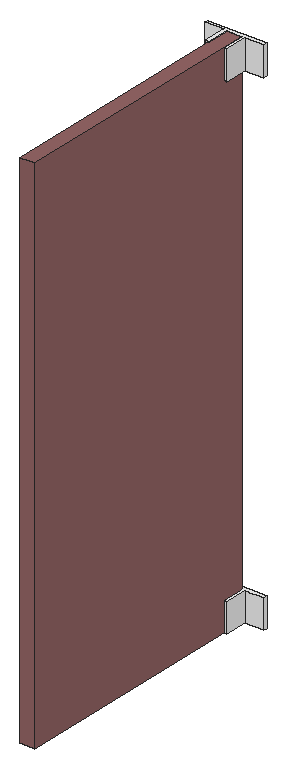
Revit family
Parameters (values of type "Custom Size")
  Screen Spacing = 1' - 8"
  Warranty Duration (Years) = 5
  Urinal Count = 4
  Trim and Hardware Material [instance] = ARCAT - Metal - Steel - Chrome Plated
  Test Data = ""
  Specification = "http://www.arcat.com/divs/sec/sec10150.shtml"
  Sales Information = ""
  Product Properties = "http://www.arcat.com/bim/bim_info.pl?fn=Urinal-Screen"
  Product Data = "http://www.arcat.com/divs/sec/sec10150.shtml"
  Panel Width = Screen Depth - 0' 0 1/4"  # 1' - 5 3/4"
  Panel Thickness = 0' - 1"
  Panel Material [instance] = ARCAT - HDPE_ Red
  Model = "Generic"  # constant formula
  Manufacturer Website = "http://www.arcat.com/"
  Manufacturer Phone - Toll Free = ""
  Manufacturer Phone = "(203) 929-9444"  # constant formula
  Manufacturer Fax = "(203) 939-2444"  # constant formula
  Manufacturer Email = "bim@arcat.com"  # constant formula
  Manufacturer Address = "1077 Bridgeport Ave, Shelton, CT  06484"  # constant formula
  Manufacturer = "Generic"  # constant formula
  Maintenance Schedule (Months) = 12
  Keynote = "10150"
  Installation_Fabricaton = ""
  Installation Phase = ""
  Top Height = 4' - 8"
  Green Building-LEED = "http://www.arcat.com/green/green_building.shtml"
  Fasteners = "Tamper resistant stainless steel screws w/ nylon anchors"
  Expected Lifespan (Years) = 15
  Drawn By = "Robert S. Weygant. CSI, CDT, SCIP"  # constant formula
  Door Opening = Screen Spacing - 0' 4 1/4"  # 1' - 3 3/4"
  Description = "Urinal Screen"
  Screen Depth = 1' - 6"
  Copyright = "2008, ARCAT, Inc."  # constant formula
  Construction Details = "http://www.arcat.com/divs/sec/sec10150.shtml"
  Building Codes = ""
  Base Height From Floor = 1' - 8"
  Assembly Code = "C1010400"
Reference planes (in)
  plane 1 "Center (Front/Back)": y = 0
  plane 2: z = 0
  plane 3 "Center (Left/Right)": x = -24.44496
  plane 4: y = 0
  plane 5: x = -36
  plane 6: z = 56
  plane 7: z = 20
  plane 8: y = 0
  plane 9: x = -2
  plane 10: y = -0.5
  plane 11: y = 0
  plane 12: x = -6
  plane 13: y = -12
  plane 14: y = -0.5
  plane 15: y = 0
  plane 16: x = -12.75
  plane 17: y = -16
  plane 18: y = -0.5
  plane 19: y = 0
  plane 20: x = -24.44496
  plane 21: y = -0.5
  plane 22: x = -24.44496
Forms (in)
  Extrusion 1, solid, not visible
    sketch origin (-23.60937, 0, 0) x (1, 0, 0) y (0, 1, 0)
      loop
        arc (-6.25, 8) -> (-7.48744, 7.48744) -> (-8, 6.25) r 1.75
        line (-8, 6.25) -> (-8, -6.25)
        arc (-8, -6.25) -> (-7.48744, -7.48744) -> (-6.25, -8) r 1.75
        line (-6.25, -8) -> (6.25, -8)
        arc (6.25, -8) -> (7.48744, -7.48744) -> (8, -6.25) r 1.75
        line (8, -6.25) -> (8, 6.25)
        arc (8, 6.25) -> (7.48744, 7.48744) -> (6.25, 8) r 1.75
        line (6.25, 8) -> (-6.25, 8)
      loop
        arc (-6.25, 7.5) -> (-7.13388, 7.13388) -> (-7.5, 6.25) r 1.25
        line (-7.5, 6.25) -> (-7.5, -6.25)
        arc (-7.5, -6.25) -> (-7.13388, -7.13388) -> (-6.25, -7.5) r 1.25
        line (-6.25, -7.5) -> (6.25, -7.5)
        arc (6.25, -7.5) -> (7.13388, -7.13388) -> (7.5, -6.25) r 1.25
        line (7.5, -6.25) -> (7.5, 6.25)
        arc (7.5, 6.25) -> (7.13388, 7.13388) -> (6.25, 7.5) r 1.25
        line (6.25, 7.5) -> (-6.25, 7.5)
    from 0 to 7
  Extrusion 2, solid, not visible
    sketch origin (-23.60937, 0, 7) x (1, 0, 0) y (0, 1, 0)
      loop
        arc (-9.5, 10) -> (-9.85355, 9.85355) -> (-10, 9.5) r 0.5
        line (-10, 9.5) -> (-10, -9.5)
        arc (-10, -9.5) -> (-9.85355, -9.85355) -> (-9.5, -10) r 0.5
        line (-9.5, -10) -> (9.5, -10)
        arc (9.5, -10) -> (9.85355, -9.85355) -> (10, -9.5) r 0.5
        line (10, -9.5) -> (10, 9.5)
        arc (10, 9.5) -> (9.85355, 9.85355) -> (9.5, 10) r 0.5
        line (9.5, 10) -> (-9.5, 10)
      loop
        line (-7.5, 6.25) -> (-7.5, -6.25)
        arc (-7.5, -6.25) -> (-7.13388, -7.13388) -> (-6.25, -7.5) r 1.25
        line (-6.25, -7.5) -> (6.25, -7.5)
        arc (6.25, -7.5) -> (7.13388, -7.13388) -> (7.5, -6.25) r 1.25
        line (7.5, -6.25) -> (7.5, 6.25)
        arc (7.5, 6.25) -> (7.13388, 7.13388) -> (6.25, 7.5) r 1.25
        line (6.25, 7.5) -> (-6.25, 7.5)
        arc (-6.25, 7.5) -> (-7.13388, 7.13388) -> (-7.5, 6.25) r 1.25
    from 0 to 0.25
  Extrusion 3, solid, material "ARCAT - Metal - Steel - Chrome Plated" <- "Trim and Hardware Material"
    sketch origin (-17.25, 0, 16) x (1, 0, 0) y (0, 1, 0)
      loop
        line (-7.19496, -1.79885) -> (-7.19496, -0.25) -> (-6.19496, -0.25) -> (-6.19496, -1.79885) -> (-5.94496, -1.79885) -> (-5.94496, -0.25) -> (-4.69496, -0.25) -> (-4.69496, 0) -> (-8.69496, 0) -> (-8.69496, -0.25) -> (-7.44496, -0.25) -> (-7.44496, -1.79885) -> (-7.19496, -1.79885)
    from 4 to 6
  Extrusion 4, solid, material "ARCAT - Metal - Steel - Chrome Plated" <- "Trim and Hardware Material"
    sketch origin (-17.25, 0, 54) x (1, 0, 0) y (0, 1, 0)
      loop
        line (-7.19496, -1.79885) -> (-7.19496, -0.25) -> (-6.19496, -0.25) -> (-6.19496, -1.79885) -> (-5.94496, -1.79885) -> (-5.94496, -0.25) -> (-4.69496, -0.25) -> (-4.69496, 0) -> (-8.69496, 0) -> (-8.69496, -0.25) -> (-7.44496, -0.25) -> (-7.44496, -1.79885) -> (-7.19496, -1.79885)
    from 0 to 2
  Extrusion 5, solid, material "ARCAT - HDPE_ Red" <- "Panel Material", not visible
    sketch origin (-2, 0, 12) x (1, 0, 0) y (0, 1, 0)
      loop
        line (0.5, -14) -> (0.5, -0.5) -> (-0.5, -0.5) -> (-0.5, -14) -> (0.5, -14)
    from 8 to 44
  Extrusion 6, solid, material "ARCAT - Metal - Steel - Chrome Plated" <- "Trim and Hardware Material", not visible
    sketch origin (-2, 0, 16) x (1, 0, 0) y (0, 1, 0)
      loop
        line (-0.5, -1.79885) -> (-0.5, -0.25) -> (0.5, -0.25) -> (0.5, -1.79885) -> (0.75, -1.79885) -> (0.75, -0.25) -> (2, -0.25) -> (2, 0) -> (-2, 0) -> (-2, -0.25) -> (-0.75, -0.25) -> (-0.75, -1.79885) -> (-0.5, -1.79885)
    from 4 to 6
  Extrusion 7, solid, material "ARCAT - Metal - Steel - Chrome Plated" <- "Trim and Hardware Material", not visible
    sketch origin (-2, 0, 54) x (1, 0, 0) y (0, 1, 0)
      loop
        line (-0.5, -1.79885) -> (-0.5, -0.25) -> (0.5, -0.25) -> (0.5, -1.79885) -> (0.75, -1.79885) -> (0.75, -0.25) -> (2, -0.25) -> (2, 0) -> (-2, 0) -> (-2, -0.25) -> (-0.75, -0.25) -> (-0.75, -1.79885) -> (-0.5, -1.79885)
    from 0 to 2
  Extrusion 8, solid, material "ARCAT - Metal - Steel - Chrome Plated" <- "Trim and Hardware Material", not visible
    sketch origin (-2, 0, 32.75) x (1, 0, 0) y (0, 1, 0)
      loop
        line (-0.5, -1.79885) -> (-0.5, -0.25) -> (0.5, -0.25) -> (0.5, -1.79885) -> (0.75, -1.79885) -> (0.75, -0.25) -> (2, -0.25) -> (2, 0) -> (-2, 0) -> (-2, -0.25) -> (-0.75, -0.25) -> (-0.75, -1.79885) -> (-0.5, -1.79885)
    from 4.25 to 6.25
  Extrusion 9, solid, material "ARCAT - HDPE_ Red" <- "Panel Material", not visible
    sketch origin (-6, 0, 12) x (1, 0, 0) y (0, 1, 0)
      loop
        line (0.5, -12) -> (0.5, -0.5) -> (-0.5, -0.5) -> (-0.5, -12) -> (0.5, -12)
    from 8 to 44
  Extrusion 10, solid, material "ARCAT - Metal - Steel - Chrome Plated" <- "Trim and Hardware Material", not visible
    sketch origin (-6, 0, 16) x (1, 0, 0) y (0, 1, 0)
      loop
        line (-0.5, -1.79885) -> (-0.5, -0.25) -> (0.5, -0.25) -> (0.5, -1.79885) -> (0.75, -1.79885) -> (0.75, -0.25) -> (2, -0.25) -> (2, 0) -> (-2, 0) -> (-2, -0.25) -> (-0.75, -0.25) -> (-0.75, -1.79885) -> (-0.5, -1.79885)
    from 4 to 6
  Extrusion 11, solid, material "ARCAT - Metal - Steel - Chrome Plated" <- "Trim and Hardware Material", not visible
    sketch origin (-6, 0, 54) x (1, 0, 0) y (0, 1, 0)
      loop
        line (-0.5, -1.79885) -> (-0.5, -0.25) -> (0.5, -0.25) -> (0.5, -1.79885) -> (0.75, -1.79885) -> (0.75, -0.25) -> (2, -0.25) -> (2, 0) -> (-2, 0) -> (-2, -0.25) -> (-0.75, -0.25) -> (-0.75, -1.79885) -> (-0.5, -1.79885)
    from 0 to 2
  Extrusion 12, solid, material "ARCAT - Metal - Steel - Chrome Plated" <- "Trim and Hardware Material", not visible
    sketch origin (-6, 0, 32.75) x (1, 0, 0) y (0, 1, 0)
      loop
        line (-0.5, -1.79885) -> (-0.5, -0.25) -> (0.5, -0.25) -> (0.5, -1.79885) -> (0.75, -1.79885) -> (0.75, -0.25) -> (2, -0.25) -> (2, 0) -> (-2, 0) -> (-2, -0.25) -> (-0.75, -0.25) -> (-0.75, -1.79885) -> (-0.5, -1.79885)
    from 4.25 to 6.25
  Extrusion 13, solid, material "ARCAT - HDPE_ Red" <- "Panel Material", not visible
    sketch origin (-12.75, 0, 12) x (1, 0, 0) y (0, 1, 0)
      loop
        line (0.5, -16) -> (0.5, -0.5) -> (-0.5, -0.5) -> (-0.5, -16) -> (0.5, -16)
    from 8 to 44
  Extrusion 14, solid, material "ARCAT - Metal - Steel - Chrome Plated" <- "Trim and Hardware Material", not visible
    sketch origin (-12.75, 0, 16) x (1, 0, 0) y (0, 1, 0)
      loop
        line (-0.5, -1.79885) -> (-0.5, -0.25) -> (0.5, -0.25) -> (0.5, -1.79885) -> (0.75, -1.79885) -> (0.75, -0.25) -> (2, -0.25) -> (2, 0) -> (-2, 0) -> (-2, -0.25) -> (-0.75, -0.25) -> (-0.75, -1.79885) -> (-0.5, -1.79885)
    from 4 to 6
  Extrusion 15, solid, material "ARCAT - Metal - Steel - Chrome Plated" <- "Trim and Hardware Material", not visible
    sketch origin (-12.75, 0, 54) x (1, 0, 0) y (0, 1, 0)
      loop
        line (-0.5, -1.79885) -> (-0.5, -0.25) -> (0.5, -0.25) -> (0.5, -1.79885) -> (0.75, -1.79885) -> (0.75, -0.25) -> (2, -0.25) -> (2, 0) -> (-2, 0) -> (-2, -0.25) -> (-0.75, -0.25) -> (-0.75, -1.79885) -> (-0.5, -1.79885)
    from 0 to 2
  Extrusion 16, solid, material "ARCAT - Metal - Steel - Chrome Plated" <- "Trim and Hardware Material", not visible
    sketch origin (-12.75, 0, 32.75) x (1, 0, 0) y (0, 1, 0)
      loop
        line (-0.5, -1.79885) -> (-0.5, -0.25) -> (0.5, -0.25) -> (0.5, -1.79885) -> (0.75, -1.79885) -> (0.75, -0.25) -> (2, -0.25) -> (2, 0) -> (-2, 0) -> (-2, -0.25) -> (-0.75, -0.25) -> (-0.75, -1.79885) -> (-0.5, -1.79885)
    from 4.25 to 6.25
  Extrusion 17, solid, material "ARCAT - Metal - Steel - Chrome Plated" <- "Trim and Hardware Material", not visible
    sketch origin (-14.25, 0, 16) x (1, 0, 0) y (0, 1, 0)
      loop
        line (-7.19496, -1.79885) -> (-7.19496, -0.25) -> (-6.19496, -0.25) -> (-6.19496, -1.79885) -> (-5.94496, -1.79885) -> (-5.94496, -0.25) -> (-4.69496, -0.25) -> (-4.69496, 0) -> (-8.69496, 0) -> (-8.69496, -0.25) -> (-7.44496, -0.25) -> (-7.44496, -1.79885) -> (-7.19496, -1.79885)
    from 4 to 6
  Extrusion 18, solid, material "ARCAT - Metal - Steel - Chrome Plated" <- "Trim and Hardware Material", not visible
    sketch origin (-14.25, 0, 54) x (1, 0, 0) y (0, 1, 0)
      loop
        line (-7.19496, -1.79885) -> (-7.19496, -0.25) -> (-6.19496, -0.25) -> (-6.19496, -1.79885) -> (-5.94496, -1.79885) -> (-5.94496, -0.25) -> (-4.69496, -0.25) -> (-4.69496, 0) -> (-8.69496, 0) -> (-8.69496, -0.25) -> (-7.44496, -0.25) -> (-7.44496, -1.79885) -> (-7.19496, -1.79885)
    from 0 to 2
  Extrusion 19, solid, material "ARCAT - Metal - Steel - Chrome Plated" <- "Trim and Hardware Material", not visible
    sketch origin (-14.25, 0, 32.75) x (1, 0, 0) y (0, 1, 0)
      loop
        line (-7.19496, -1.79885) -> (-7.19496, -0.25) -> (-6.19496, -0.25) -> (-6.19496, -1.79885) -> (-5.94496, -1.79885) -> (-5.94496, -0.25) -> (-4.69496, -0.25) -> (-4.69496, 0) -> (-8.69496, 0) -> (-8.69496, -0.25) -> (-7.44496, -0.25) -> (-7.44496, -1.79885) -> (-7.19496, -1.79885)
    from 4.25 to 6.25
  Extrusion 20, solid, material "ARCAT - HDPE_ Red" <- "Panel Material"
    sketch origin (0, 0, 0) x (1, 0, 0) y (0, 1, 0)
      loop
        line (-24.44496, -0.25) -> (-24.44496, -18) -> (-23.44496, -18) -> (-23.44496, -0.25) -> (-24.44496, -0.25)
    from 20 to 56
  Extrusion 21, solid, material "ARCAT - HDPE_ Red" <- "Panel Material", not visible
    sketch origin (3, 0, 0) x (1, 0, 0) y (0, 1, 0)
      loop
        line (-24.44496, -0.5) -> (-24.44496, -15) -> (-23.44496, -15) -> (-23.44496, -0.5) -> (-24.44496, -0.5)
    from 20 to 56
  Extrusion 22, solid, material "ARCAT - Metal - Steel - Chrome Plated" <- "Trim and Hardware Material", not visible
    sketch origin (-17.25, 0, 16) x (1, 0, 0) y (0, 1, 0)
      loop
        line (-7.19496, -1.79885) -> (-7.19496, -0.25) -> (-6.19496, -0.25) -> (-6.19496, -1.79885) -> (-5.94496, -1.79885) -> (-5.94496, -0.25) -> (-4.69496, -0.25) -> (-4.69496, 0) -> (-8.69496, 0) -> (-8.69496, -0.25) -> (-7.44496, -0.25) -> (-7.44496, -1.79885) -> (-7.19496, -1.79885)
    from 4 to 6
  Extrusion 23, solid, material "ARCAT - Metal - Steel - Chrome Plated" <- "Trim and Hardware Material", not visible
    sketch origin (-17.25, 0, 54) x (1, 0, 0) y (0, 1, 0)
      loop
        line (-7.19496, -1.79885) -> (-7.19496, -0.25) -> (-6.19496, -0.25) -> (-6.19496, -1.79885) -> (-5.94496, -1.79885) -> (-5.94496, -0.25) -> (-4.69496, -0.25) -> (-4.69496, 0) -> (-8.69496, 0) -> (-8.69496, -0.25) -> (-7.44496, -0.25) -> (-7.44496, -1.79885) -> (-7.19496, -1.79885)
    from 0 to 2
  Extrusion 24, solid, material "ARCAT - Metal - Steel - Chrome Plated" <- "Trim and Hardware Material", not visible
    sketch origin (-17.25, 0, 32.75) x (1, 0, 0) y (0, 1, 0)
      loop
        line (-7.19496, -1.79885) -> (-7.19496, -0.25) -> (-6.19496, -0.25) -> (-6.19496, -1.79885) -> (-5.94496, -1.79885) -> (-5.94496, -0.25) -> (-4.69496, -0.25) -> (-4.69496, 0) -> (-8.69496, 0) -> (-8.69496, -0.25) -> (-7.44496, -0.25) -> (-7.44496, -1.79885) -> (-7.19496, -1.79885)
    from 4.25 to 6.25
  Extrusion 25, solid, material "ARCAT - HDPE_ Red" <- "Panel Material", not visible
    sketch origin (0, 0, 0) x (1, 0, 0) y (0, 1, 0)
      loop
        line (-24.44496, -0.5) -> (-24.44496, -18) -> (-23.44496, -18) -> (-23.44496, -0.5) -> (-24.44496, -0.5)
    from 20 to 56
  Extrusion 26, solid, material "ARCAT - Metal - Steel - Chrome Plated" <- "Trim and Hardware Material", not visible
    sketch origin (-17.25, 0, 16) x (1, 0, 0) y (0, 1, 0)
      loop
        line (-7.19496, -1.79885) -> (-7.19496, -0.25) -> (-6.19496, -0.25) -> (-6.19496, -1.79885) -> (-5.94496, -1.79885) -> (-5.94496, -0.25) -> (-4.69496, -0.25) -> (-4.69496, 0) -> (-8.69496, 0) -> (-8.69496, -0.25) -> (-7.44496, -0.25) -> (-7.44496, -1.79885) -> (-7.19496, -1.79885)
    from 4 to 6
  Extrusion 27, solid, material "ARCAT - Metal - Steel - Chrome Plated" <- "Trim and Hardware Material", not visible
    sketch origin (-17.25, 0, 54) x (1, 0, 0) y (0, 1, 0)
      loop
        line (-7.19496, -1.79885) -> (-7.19496, -0.25) -> (-6.19496, -0.25) -> (-6.19496, -1.79885) -> (-5.94496, -1.79885) -> (-5.94496, -0.25) -> (-4.69496, -0.25) -> (-4.69496, 0) -> (-8.69496, 0) -> (-8.69496, -0.25) -> (-7.44496, -0.25) -> (-7.44496, -1.79885) -> (-7.19496, -1.79885)
    from 0 to 2
  Extrusion 28, solid, material "ARCAT - Metal - Steel - Chrome Plated" <- "Trim and Hardware Material", not visible
    sketch origin (-17.25, 0, 32.75) x (1, 0, 0) y (0, 1, 0)
      loop
        line (-7.19496, -1.79885) -> (-7.19496, -0.25) -> (-6.19496, -0.25) -> (-6.19496, -1.79885) -> (-5.94496, -1.79885) -> (-5.94496, -0.25) -> (-4.69496, -0.25) -> (-4.69496, 0) -> (-8.69496, 0) -> (-8.69496, -0.25) -> (-7.44496, -0.25) -> (-7.44496, -1.79885) -> (-7.19496, -1.79885)
    from 4.25 to 6.25
  Extrusion 29, solid, material "ARCAT - Metal - Steel - Chrome Plated" <- "Trim and Hardware Material", not visible
    sketch origin (-17.25, 0, 16) x (1, 0, 0) y (0, 1, 0)
      loop
        line (-7.19496, -1.79885) -> (-7.19496, -0.25) -> (-6.19496, -0.25) -> (-6.19496, -1.79885) -> (-5.94496, -1.79885) -> (-5.94496, -0.25) -> (-4.69496, -0.25) -> (-4.69496, 0) -> (-8.69496, 0) -> (-8.69496, -0.25) -> (-7.44496, -0.25) -> (-7.44496, -1.79885) -> (-7.19496, -1.79885)
    from 4 to 6
  Extrusion 30, solid, material "ARCAT - Metal - Steel - Chrome Plated" <- "Trim and Hardware Material", not visible
    sketch origin (-17.25, 0, 54) x (1, 0, 0) y (0, 1, 0)
      loop
        line (-7.19496, -1.79885) -> (-7.19496, -0.25) -> (-6.19496, -0.25) -> (-6.19496, -1.79885) -> (-5.94496, -1.79885) -> (-5.94496, -0.25) -> (-4.69496, -0.25) -> (-4.69496, 0) -> (-8.69496, 0) -> (-8.69496, -0.25) -> (-7.44496, -0.25) -> (-7.44496, -1.79885) -> (-7.19496, -1.79885)
    from 0 to 2
  Extrusion 31, solid, material "ARCAT - Metal - Steel - Chrome Plated" <- "Trim and Hardware Material", not visible
    sketch origin (-17.25, 0, 32.75) x (1, 0, 0) y (0, 1, 0)
      loop
        line (-7.19496, -1.79885) -> (-7.19496, -0.25) -> (-6.19496, -0.25) -> (-6.19496, -1.79885) -> (-5.94496, -1.79885) -> (-5.94496, -0.25) -> (-4.69496, -0.25) -> (-4.69496, 0) -> (-8.69496, 0) -> (-8.69496, -0.25) -> (-7.44496, -0.25) -> (-7.44496, -1.79885) -> (-7.19496, -1.79885)
    from 4.25 to 6.25
  Extrusion 32, solid, material "ARCAT - HDPE_ Red" <- "Panel Material", not visible
    sketch origin (0, 0, 0) x (1, 0, 0) y (0, 1, 0)
      loop
        line (-24.44496, -0.25) -> (-24.44496, -18) -> (-23.44496, -18) -> (-23.44496, -0.25) -> (-24.44496, -0.25)
    from 20 to 56
Dimensions and locks (in)
  "Top Height": plane 6 to level
  "Base Height From Floor": plane 7 to plane 2
  locked: Extrusion 3 sketch curve to Extrusion 3 sketch curve at 1.25  (x2)
  locked: Extrusion 3 sketch curve to Extrusion 3 sketch curve at 0.25  (x3)
  "Panel Thickness": Extrusion 3 sketch curve to Extrusion 3 sketch curve
  locked: Extrusion 3 to Extrusion 3 at 2
  locked: Extrusion 4 sketch curve to Extrusion 4 sketch curve at 1.25  (x2)
  locked: Extrusion 4 sketch curve to Extrusion 4 sketch curve at 0.25  (x3)
  locked: Extrusion 4 sketch curve to Extrusion 4 sketch curve at 1
  locked: Extrusion 4 to Extrusion 4 at 2
  Extrusion 4 to Extrusion 3 = 2' - 10"
  locked: Extrusion 6 sketch curve to Extrusion 6 sketch curve at 1.25  (x2)
  locked: Extrusion 6 sketch curve to Extrusion 6 sketch curve at 0.25  (x3)
  "Panel Thickness": Extrusion 6 sketch curve to Extrusion 6 sketch curve
  locked: Extrusion 7 sketch curve to Extrusion 7 sketch curve at 1.25  (x2)
  locked: Extrusion 7 sketch curve to Extrusion 7 sketch curve at 0.25  (x3)
  "Panel Thickness": Extrusion 7 sketch curve to Extrusion 7 sketch curve
  locked: Extrusion 8 sketch curve to Extrusion 8 sketch curve at 1.25  (x2)
  locked: Extrusion 8 sketch curve to Extrusion 8 sketch curve at 0.25  (x3)
  "Panel Thickness": Extrusion 8 sketch curve to Extrusion 8 sketch curve
  locked: Extrusion 10 sketch curve to Extrusion 10 sketch curve at 1.25  (x2)
  locked: Extrusion 10 sketch curve to Extrusion 10 sketch curve at 0.25  (x3)
  "Panel Thickness": Extrusion 10 sketch curve to Extrusion 10 sketch curve
  locked: Extrusion 11 sketch curve to Extrusion 11 sketch curve at 1.25  (x2)
  locked: Extrusion 11 sketch curve to Extrusion 11 sketch curve at 0.25  (x3)
  "Panel Thickness": Extrusion 11 sketch curve to Extrusion 11 sketch curve
  locked: Extrusion 12 sketch curve to Extrusion 12 sketch curve at 1.25  (x2)
  locked: Extrusion 12 sketch curve to Extrusion 12 sketch curve at 0.25  (x3)
  "Panel Thickness": Extrusion 12 sketch curve to Extrusion 12 sketch curve
  locked: Extrusion 14 sketch curve to Extrusion 14 sketch curve at 1.25  (x2)
  locked: Extrusion 14 sketch curve to Extrusion 14 sketch curve at 0.25  (x3)
  "Panel Thickness": Extrusion 14 sketch curve to Extrusion 14 sketch curve
  locked: Extrusion 15 sketch curve to Extrusion 15 sketch curve at 1.25  (x2)
  locked: Extrusion 15 sketch curve to Extrusion 15 sketch curve at 0.25  (x3)
  "Panel Thickness": Extrusion 15 sketch curve to Extrusion 15 sketch curve
  locked: Extrusion 16 sketch curve to Extrusion 16 sketch curve at 1.25  (x2)
  locked: Extrusion 16 sketch curve to Extrusion 16 sketch curve at 0.25  (x3)
  "Panel Thickness": Extrusion 16 sketch curve to Extrusion 16 sketch curve
  locked: Extrusion 17 sketch curve to Extrusion 17 sketch curve at 1.25  (x2)
  locked: Extrusion 17 sketch curve to Extrusion 17 sketch curve at 0.25  (x3)
  "Panel Thickness": Extrusion 17 sketch curve to Extrusion 17 sketch curve
  locked: Extrusion 18 sketch curve to Extrusion 18 sketch curve at 1.25  (x2)
  locked: Extrusion 18 sketch curve to Extrusion 18 sketch curve at 0.25  (x3)
  "Panel Thickness": Extrusion 18 sketch curve to Extrusion 18 sketch curve
  locked: Extrusion 19 sketch curve to Extrusion 19 sketch curve at 1.25  (x2)
  locked: Extrusion 19 sketch curve to Extrusion 19 sketch curve at 0.25  (x3)
  "Panel Thickness": Extrusion 19 sketch curve to Extrusion 19 sketch curve
  locked: Extrusion 22 sketch curve to Extrusion 22 sketch curve at 1.25  (x2)
  locked: Extrusion 22 sketch curve to Extrusion 22 sketch curve at 0.25  (x3)
  "Panel Thickness": Extrusion 22 sketch curve to Extrusion 22 sketch curve
  locked: Extrusion 23 sketch curve to Extrusion 23 sketch curve at 1.25  (x2)
  locked: Extrusion 23 sketch curve to Extrusion 23 sketch curve at 0.25  (x3)
  "Panel Thickness": Extrusion 23 sketch curve to Extrusion 23 sketch curve
  locked: Extrusion 24 sketch curve to Extrusion 24 sketch curve at 1.25  (x2)
  locked: Extrusion 24 sketch curve to Extrusion 24 sketch curve at 0.25  (x3)
  "Panel Thickness": Extrusion 24 sketch curve to Extrusion 24 sketch curve
  Extrusion 25 sketch curve to Extrusion 25 sketch curve = 1' - 5 1/2"
  locked: Extrusion 26 sketch curve to Extrusion 26 sketch curve at 1.25  (x2)
  locked: Extrusion 26 sketch curve to Extrusion 26 sketch curve at 0.25  (x3)
  "Panel Thickness": Extrusion 26 sketch curve to Extrusion 26 sketch curve
  locked: Extrusion 27 sketch curve to Extrusion 27 sketch curve at 1.25  (x2)
  locked: Extrusion 27 sketch curve to Extrusion 27 sketch curve at 0.25  (x3)
  "Panel Thickness": Extrusion 27 sketch curve to Extrusion 27 sketch curve
  locked: Extrusion 28 sketch curve to Extrusion 28 sketch curve at 1.25  (x2)
  locked: Extrusion 28 sketch curve to Extrusion 28 sketch curve at 0.25  (x3)
  "Panel Thickness": Extrusion 28 sketch curve to Extrusion 28 sketch curve
  locked: Extrusion 29 sketch curve to Extrusion 29 sketch curve at 1.25  (x2)
  locked: Extrusion 29 sketch curve to Extrusion 29 sketch curve at 0.25  (x3)
  "Panel Thickness": Extrusion 29 sketch curve to Extrusion 29 sketch curve
  locked: Extrusion 30 sketch curve to Extrusion 30 sketch curve at 1.25  (x2)
  locked: Extrusion 30 sketch curve to Extrusion 30 sketch curve at 0.25  (x3)
  "Panel Thickness": Extrusion 30 sketch curve to Extrusion 30 sketch curve
  locked: Extrusion 31 sketch curve to Extrusion 31 sketch curve at 1.25  (x2)
  locked: Extrusion 31 sketch curve to Extrusion 31 sketch curve at 0.25  (x3)
  "Panel Thickness": Extrusion 31 sketch curve to Extrusion 31 sketch curve
  Extrusion 30 to Extrusion 32 sketch curve = 1' - 6"
  "Screen Depth": Extrusion 20 to plane 1 "Center (Front/Back)"
  aligned and locked: Extrusion 3 sketch curve to Extrusion 3 sketch curve  (x2)
  aligned and locked: Extrusion 4 sketch curve to Extrusion 4 sketch curve  (x2)
  aligned and locked: plane 6 to Extrusion 4
  aligned and locked: Extrusion 6 sketch curve to Extrusion 6 sketch curve  (x2)
  aligned and locked: Extrusion 7 sketch curve to Extrusion 7 sketch curve  (x2)
  aligned and locked: Extrusion 8 sketch curve to Extrusion 8 sketch curve  (x2)
  aligned and locked: Extrusion 10 sketch curve to Extrusion 10 sketch curve  (x2)
  aligned and locked: Extrusion 11 sketch curve to Extrusion 11 sketch curve  (x2)
  aligned and locked: Extrusion 12 sketch curve to Extrusion 12 sketch curve  (x2)
  aligned and locked: Extrusion 14 sketch curve to Extrusion 14 sketch curve  (x2)
  aligned and locked: Extrusion 15 sketch curve to Extrusion 15 sketch curve  (x2)
  aligned and locked: Extrusion 16 sketch curve to Extrusion 16 sketch curve  (x2)
  aligned and locked: Extrusion 17 sketch curve to Extrusion 17 sketch curve  (x2)
  aligned and locked: Extrusion 18 sketch curve to Extrusion 18 sketch curve  (x2)
  aligned and locked: Extrusion 19 sketch curve to Extrusion 19 sketch curve  (x2)
  aligned and locked: plane 3 "Center (Left/Right)" to Extrusion 4
  aligned and locked: plane 6 to Extrusion 20
  aligned and locked: Extrusion 20 to plane 7
  aligned and locked: Extrusion 18 to Extrusion 21 sketch curve
  aligned and locked: Extrusion 22 sketch curve to Extrusion 22 sketch curve  (x2)
  aligned and locked: Extrusion 23 sketch curve to Extrusion 23 sketch curve  (x2)
  aligned and locked: Extrusion 24 sketch curve to Extrusion 24 sketch curve  (x2)
  aligned and locked: Extrusion 23 to Extrusion 25 sketch curve
  aligned and locked: Extrusion 26 sketch curve to Extrusion 26 sketch curve  (x2)
  aligned and locked: Extrusion 27 sketch curve to Extrusion 27 sketch curve  (x2)
  aligned and locked: Extrusion 28 sketch curve to Extrusion 28 sketch curve  (x2)
  aligned and locked: Extrusion 20 to Extrusion 4  (x3)
  aligned and locked: Extrusion 29 sketch curve to Extrusion 29 sketch curve  (x2)
  aligned and locked: Extrusion 30 sketch curve to Extrusion 30 sketch curve  (x2)
  aligned and locked: Extrusion 31 sketch curve to Extrusion 31 sketch curve  (x2)
  aligned and locked: Extrusion 4 to Extrusion 20
  aligned and locked: Extrusion 4 to plane 1 "Center (Front/Back)"
  aligned and locked: Extrusion 20 sketch curve to Extrusion 4  (x2)
Automatic sketch dimensions
  Extrusion 3 sketch curve to Extrusion 3 sketch curve = 0' - 0"
  Extrusion 4 sketch curve to Extrusion 4 sketch curve = 0' - 0"
  Extrusion 3 sketch curve to Extrusion 3 sketch curve = 0' - 1.54885"
  Extrusion 4 sketch curve to Extrusion 4 sketch curve = 0' - 1.54885"
  Extrusion 6 sketch curve to Extrusion 6 sketch curve = 0' - 0"
  Extrusion 7 sketch curve to Extrusion 7 sketch curve = 0' - 0"
  Extrusion 8 sketch curve to Extrusion 8 sketch curve = 0' - 0"
  Extrusion 5 sketch curve to Extrusion 5 sketch curve = 0' - 1"
  Extrusion 5 sketch curve to Extrusion 5 sketch curve = 1' - 1 1/2"
  Extrusion 6 sketch curve to Extrusion 6 sketch curve = 0' - 1.54885"
  Extrusion 7 sketch curve to Extrusion 7 sketch curve = 0' - 1.54885"
  Extrusion 8 sketch curve to Extrusion 8 sketch curve = 0' - 1.54885"
  Extrusion 10 sketch curve to Extrusion 10 sketch curve = 0' - 0"
  Extrusion 11 sketch curve to Extrusion 11 sketch curve = 0' - 0"
  Extrusion 12 sketch curve to Extrusion 12 sketch curve = 0' - 0"
  Extrusion 9 sketch curve to Extrusion 9 sketch curve = 0' - 1"
  Extrusion 10 sketch curve to Extrusion 10 sketch curve = 0' - 1.54885"
  Extrusion 11 sketch curve to Extrusion 11 sketch curve = 0' - 1.54885"
  Extrusion 12 sketch curve to Extrusion 12 sketch curve = 0' - 1.54885"
  Extrusion 9 sketch curve to Extrusion 9 sketch curve = 0' - 11 1/2"
  Extrusion 14 sketch curve to Extrusion 14 sketch curve = 0' - 0"
  Extrusion 15 sketch curve to Extrusion 15 sketch curve = 0' - 0"
  Extrusion 16 sketch curve to Extrusion 16 sketch curve = 0' - 0"
  Extrusion 14 sketch curve to Extrusion 14 sketch curve = 0' - 1.54885"
  Extrusion 15 sketch curve to Extrusion 15 sketch curve = 0' - 1.54885"
  Extrusion 16 sketch curve to Extrusion 16 sketch curve = 0' - 1.54885"
  Extrusion 13 sketch curve to Extrusion 13 sketch curve = 0' - 1"
  Extrusion 13 sketch curve to Extrusion 13 sketch curve = 1' - 3 1/2"
  Extrusion 17 sketch curve to Extrusion 17 sketch curve = 0' - 0"
  Extrusion 18 sketch curve to Extrusion 18 sketch curve = 0' - 0"
  Extrusion 19 sketch curve to Extrusion 19 sketch curve = 0' - 0"
  Extrusion 17 sketch curve to Extrusion 17 sketch curve = 0' - 1.54885"
  Extrusion 18 sketch curve to Extrusion 18 sketch curve = 0' - 1.54885"
  Extrusion 19 sketch curve to Extrusion 19 sketch curve = 0' - 1.54885"
  Extrusion 21 sketch curve to Extrusion 21 sketch curve = 0' - 1"
  Extrusion 21 sketch curve to Extrusion 21 sketch curve = 1' - 2 1/2"
  Extrusion 22 sketch curve to Extrusion 22 sketch curve = 0' - 0"
  Extrusion 23 sketch curve to Extrusion 23 sketch curve = 0' - 0"
  Extrusion 24 sketch curve to Extrusion 24 sketch curve = 0' - 0"
  Extrusion 22 sketch curve to Extrusion 22 sketch curve = 0' - 1.54885"
  Extrusion 23 sketch curve to Extrusion 23 sketch curve = 0' - 1.54885"
  Extrusion 24 sketch curve to Extrusion 24 sketch curve = 0' - 1.54885"
  Extrusion 25 sketch curve to Extrusion 25 sketch curve = 0' - 1"
  Extrusion 26 sketch curve to Extrusion 26 sketch curve = 0' - 0"
  Extrusion 27 sketch curve to Extrusion 27 sketch curve = 0' - 0"
  Extrusion 28 sketch curve to Extrusion 28 sketch curve = 0' - 0"
  Extrusion 26 sketch curve to Extrusion 26 sketch curve = 0' - 1.54885"
  Extrusion 27 sketch curve to Extrusion 27 sketch curve = 0' - 1.54885"
  Extrusion 28 sketch curve to Extrusion 28 sketch curve = 0' - 1.54885"
  Extrusion 20 sketch curve to Extrusion 20 sketch curve = 1' - 5 3/4"
  Extrusion 29 sketch curve to Extrusion 29 sketch curve = 0' - 0"
  Extrusion 30 sketch curve to Extrusion 30 sketch curve = 0' - 0"
  Extrusion 31 sketch curve to Extrusion 31 sketch curve = 0' - 0"
  Extrusion 29 sketch curve to Extrusion 29 sketch curve = 0' - 1.54885"
  Extrusion 30 sketch curve to Extrusion 30 sketch curve = 0' - 1.54885"
  Extrusion 31 sketch curve to Extrusion 31 sketch curve = 0' - 1.54885"
  Extrusion 32 sketch curve to Extrusion 32 sketch curve = 0' - 1"
  Extrusion 32 sketch curve to Extrusion 32 sketch curve = 1' - 5 3/4"
  Extrusion 3 sketch curve to plane 1 "Center (Front/Back)" = 0' - 0"
  Extrusion 3 sketch curve to plane 3 "Center (Left/Right)" = 0' - 0"
  Extrusion 4 sketch curve to plane 1 "Center (Front/Back)" = 0' - 0"
  Extrusion 4 sketch curve to plane 3 "Center (Left/Right)" = 0' - 0"
  plane 1 "Center (Front/Back)" to Extrusion 20 sketch curve = 1' - 6"
